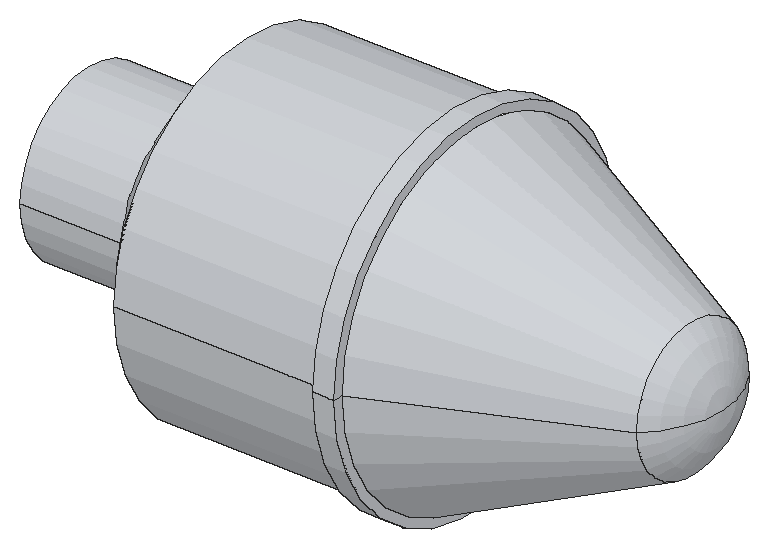
Revit family "Válvula de Pé com Filtro - 25-60 mm", category Acessórios do tubo, Revit 2019
Family settings
  Cota do conector redondo = Usar raio
  Tipo de parte = Normal
  ID de item do Seek = Check Valve - 10-100 mm - Threaded-0000-CAN-ENU
  Com base no plano de trabalho = Não
  Sempre na vertical = Sim
  Corte com vazios quando carregada = Não
  Compartilhado = Não
Parameters (values of type "25 mm")
  Material da válvula = none
  Método de perda = Coeficiente K
  Comprimento 3 = 45.00 mm
  Raio nominal = 12.5 mm
  Raio externo da conexão = 30.5 mm
  Adaptador de raio = Diâmetro nominal / 2 + 3.00 mm  # 15.50 mm
  Comprimento 1 = 115.40 mm
  Diâmetro externo da conexão = Raio externo da conexão * 2  # 61.00 mm
  Comprimento 2 = 18.50 mm
  Diâmetro nominal = Raio nominal * 2  # 25.00 mm
  K Coefficient = 0.35
Types (6, lengths in mm): name | Comprimento 3 | Raio nominal | Raio externo da conexão | Adaptador de raio | Comprimento 1 | Diâmetro externo da conexão | Comprimento 2 | Diâmetro nominal | K Coefficient
  (no name) | 45.00 | 12.5 | 30.5 | 15.50 | 115.40 | 61.00 | 18.50 | 25.00 | 0.35
  25 mm | 45.00 | 12.5 | 30.5 | 15.50 | 115.40 | 61.00 | 18.50 | 25.00 | 0.35
  50 mm | 87.50 | 25 | 48 | 28.00 | 189.00 | 96.00 | 31.00 | 50.00 | 0.27
  60 mm | 105.00 | 30 | 57.5 | 33.00 | 216.70 | 115.00 | 35.00 | 60.00 | 0.25
  32 mm | 56.00 | 16 | 34 | 19.00 | 132.70 | 68.00 | 22.00 | 32.00 | 0.32
  40 mm | 70.00 | 20 | 41.5 | 23.00 | 160.10 | 83.00 | 26.00 | 40.00 | 0.3
Reference planes
  plane 1 "Centro (Frente/Trás)": y = 0
  plane 2: z = 0
  plane 3 "Centro (Esquerda/Direita)": x = 0
  plane 4: y = 12.5
  plane 5: y = 30.5
  plane 6: x = 18.5
  plane 7: x = 66.496
  plane 8: x = 109.701
  plane 9: y = -12.5
  plane 10: y = -30.5
  plane 11: x = 115.4
  plane 12: x = 70.4
Forms (mm)
  Revolve 1, solid, material <- "Material da válvula", detail levels fine
    sketch origin (0, 0, 0) x (1, 0, 0) y (0, 1, 0)
      loop
        line (0, 0) -> (115.4, 0)
        arc (115.4, 0) -> (113.876, 6.854) -> (109.701, 12.5) r 16.927
        line (109.701, 12.5) -> (70.4, 30.5) -> (70.4, 32.152) -> (66.496, 32.152) -> (66.496, 30.5) -> (29.003, 30.5) -> (18.5, 15.5) -> (0, 15.5) -> (0, 0)
      axis (115.4, 0) -> (0, 0)
    angle from 0 to 360
Lines and regions (mm)
  model lines, detail levels coarse+medium
    curve 1: arc (0, -32.152, 0) -> (0, 0, 32.152) -> (0, 32.152, 0) r 32.152
    curve 2: arc (0, 32.152, 0) -> (0, 0, -32.152) -> (0, -32.152, 0) r 32.152
Dimensions and locks
  "Comprimento 3": plane 12 to plane 11
  "Comprimento 2": plane 3 "Centro (Esquerda/Direita)" to plane 6
  "Comprimento 1": plane 3 "Centro (Esquerda/Direita)" to plane 11
  equal spacing: plane 9, plane 1 "Centro (Frente/Trás)", plane 4
  equal spacing: plane 10, plane 1 "Centro (Frente/Trás)", plane 5
  "Raio externo da conexão": plane 1 "Centro (Frente/Trás)" to plane 5
  "Raio nominal": plane 1 "Centro (Frente/Trás)" to plane 4
  plane 8 to plane 11 = 5.699 mm
  plane 7 to plane 12 = 3.904 mm
  locked: plane 5 to Revolve 1 sketch curve at 1.652
  locked: plane 4 to Revolve 1 sketch curve at 3
  aligned and locked: plane 3 "Centro (Esquerda/Direita)" to Revolve 1 sketch curve
  aligned and locked: plane 5 to Revolve 1 sketch curve  (x2)
  aligned and locked: plane 6 to Revolve 1 sketch curve
  aligned and locked: plane 7 to Revolve 1 sketch curve
  aligned and locked: Revolve 1 sketch curve to plane 12
  aligned and locked: plane 12 to Revolve 1 sketch curve
  aligned and locked: plane 4 to Revolve 1 sketch curve
  aligned and locked: plane 8 to Revolve 1 sketch curve
  aligned and locked: plane 1 "Centro (Frente/Trás)" to Revolve 1 sketch curve
  aligned and locked: plane 11 to Revolve 1 sketch curve
  aligned and locked: Revolve 1 sketch curve to plane 1 "Centro (Frente/Trás)"
  aligned and locked: curve 1 to Revolve 1
  aligned and locked: curve 2 to Revolve 1
Automatic sketch dimensions
  Revolve 1 sketch curve to plane 3 "Centro (Esquerda/Direita)" = 0.00 mm
  Revolve 1 sketch curve to Revolve 1 sketch curve = 16.32 mm
  plane 6 to Revolve 1 sketch curve = 10.503 mm
  plane 1 "Centro (Frente/Trás)" to Revolve 1 sketch curve = 0.168 mm
Connectors
  piping at (0, 0, 0), diameter 25, driven by "Raio nominal", driven by "K Coefficient"
    settings: on Revolve 1, index 1, connector inside diameter 25 mm, connector length 0.00 mm, flow factor 0, pipe flow 0.0 L/s, pressure drop 0.0 Pa, fitting loss kfactor 0.35, connector angle 0.00°, fixture units 0, engagement length 0.00 mm, angle of deflection 0.00°, flow configuration 0, flow direction 0, fitting loss method 0, system type 29, joint type 0, gender type 0, connector reference index -1, connector utility 0, adjustable connector no, is connector primary yes, connector description ""
